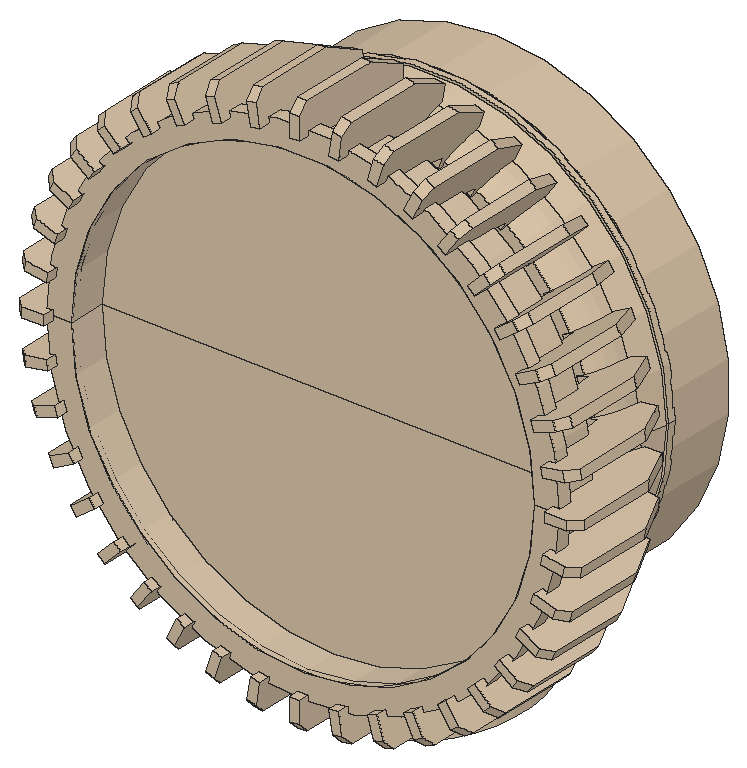
Revit family "KHL_Kemlu-Wall_Mount", category Lighting Fixtures, host Face, Revit 2021 (continued)
Definition of nested family "KHL"
  Automatic sketch dimensions
    Extrusion 36 sketch curve to Extrusion 36 sketch curve = 0' - 0.39395"
    Extrusion 36 sketch curve to Extrusion 36 sketch curve = 0' - 1.02515"
    Extrusion 36 sketch curve to Extrusion 36 sketch curve = 0' - 0.67103"
    Extrusion 36 sketch curve to Extrusion 36 sketch curve = 0' - 1.93305"
    Extrusion 36 sketch curve to Extrusion 36 sketch curve = 0' - 0.08345"
    Extrusion 37 sketch curve to Extrusion 37 sketch curve = 0' - 0 7/16"
    Extrusion 37 sketch curve to Extrusion 37 sketch curve = 0' - 0.13206"
    Extrusion 37 sketch curve to Extrusion 37 sketch curve = 0' - 0.295"
    Extrusion 37 sketch curve to Extrusion 37 sketch curve = 0' - 0.38321"
    Extrusion 37 sketch curve to Extrusion 37 sketch curve = 0' - 0.43044"
    Extrusion 37 sketch curve to Extrusion 37 sketch curve = 0' - 0.57179"
    Extrusion 37 sketch curve to Extrusion 37 sketch curve = 0' - 0 1/4"  (x2)
    Extrusion 37 sketch curve to Extrusion 37 sketch curve = 0' - 0.39395"
    Extrusion 37 sketch curve to Extrusion 37 sketch curve = 0' - 1.02515"
    Extrusion 37 sketch curve to Extrusion 37 sketch curve = 0' - 0.67103"
    Extrusion 37 sketch curve to Extrusion 37 sketch curve = 0' - 1.93305"
    Extrusion 37 sketch curve to Extrusion 37 sketch curve = 0' - 0.08345"
    Extrusion 38 sketch curve to Extrusion 38 sketch curve = 0' - 0 7/16"
    Extrusion 38 sketch curve to Extrusion 38 sketch curve = 0' - 0.13206"
    Extrusion 38 sketch curve to Extrusion 38 sketch curve = 0' - 0.295"
    Extrusion 38 sketch curve to Extrusion 38 sketch curve = 0' - 0.38321"
    Extrusion 38 sketch curve to Extrusion 38 sketch curve = 0' - 0.43044"
    Extrusion 38 sketch curve to Extrusion 38 sketch curve = 0' - 0.57179"
    Extrusion 38 sketch curve to Extrusion 38 sketch curve = 0' - 0 1/4"  (x2)
    Extrusion 38 sketch curve to Extrusion 38 sketch curve = 0' - 0.39395"
    Extrusion 38 sketch curve to Extrusion 38 sketch curve = 0' - 1.02515"
    Extrusion 38 sketch curve to Extrusion 38 sketch curve = 0' - 0.67103"
    Extrusion 38 sketch curve to Extrusion 38 sketch curve = 0' - 1.93305"
    Extrusion 38 sketch curve to Extrusion 38 sketch curve = 0' - 0.08345"
    Extrusion 39 sketch curve to Extrusion 39 sketch curve = 0' - 0 7/16"
    Extrusion 39 sketch curve to Extrusion 39 sketch curve = 0' - 0.13206"
    Extrusion 39 sketch curve to Extrusion 39 sketch curve = 0' - 0.295"
    Extrusion 39 sketch curve to Extrusion 39 sketch curve = 0' - 0.38321"
    Extrusion 39 sketch curve to Extrusion 39 sketch curve = 0' - 0.43044"
    Extrusion 39 sketch curve to Extrusion 39 sketch curve = 0' - 0.57179"
    Extrusion 39 sketch curve to Extrusion 39 sketch curve = 0' - 0 1/4"  (x2)
    Extrusion 39 sketch curve to Extrusion 39 sketch curve = 0' - 0.39395"
    Extrusion 39 sketch curve to Extrusion 39 sketch curve = 0' - 1.02515"
    Extrusion 39 sketch curve to Extrusion 39 sketch curve = 0' - 0.67103"
    Extrusion 39 sketch curve to Extrusion 39 sketch curve = 0' - 1.93305"
    Extrusion 39 sketch curve to Extrusion 39 sketch curve = 0' - 0.08345"
    Extrusion 40 sketch curve to Extrusion 40 sketch curve = 0' - 0 7/16"
    Extrusion 40 sketch curve to Extrusion 40 sketch curve = 0' - 0.13206"
    Extrusion 40 sketch curve to Extrusion 40 sketch curve = 0' - 0.295"
    Extrusion 40 sketch curve to Extrusion 40 sketch curve = 0' - 0.38321"
    Extrusion 40 sketch curve to Extrusion 40 sketch curve = 0' - 0.43044"
    Extrusion 40 sketch curve to Extrusion 40 sketch curve = 0' - 0.57179"
    Extrusion 40 sketch curve to Extrusion 40 sketch curve = 0' - 0 1/4"  (x2)
    Extrusion 40 sketch curve to Extrusion 40 sketch curve = 0' - 0.39395"
    Extrusion 40 sketch curve to Extrusion 40 sketch curve = 0' - 1.02515"
    Extrusion 40 sketch curve to Extrusion 40 sketch curve = 0' - 0.67103"
    Extrusion 40 sketch curve to Extrusion 40 sketch curve = 0' - 1.93305"
    Extrusion 40 sketch curve to Extrusion 40 sketch curve = 0' - 0.08345"
    Extrusion 41 sketch curve to Extrusion 41 sketch curve = 0' - 0 7/16"
    Extrusion 41 sketch curve to Extrusion 41 sketch curve = 0' - 0.13206"
    Extrusion 41 sketch curve to Extrusion 41 sketch curve = 0' - 0.295"
    Extrusion 41 sketch curve to Extrusion 41 sketch curve = 0' - 0.38321"
    Extrusion 41 sketch curve to Extrusion 41 sketch curve = 0' - 0.43044"
    Extrusion 41 sketch curve to Extrusion 41 sketch curve = 0' - 0.57179"
    Extrusion 41 sketch curve to Extrusion 41 sketch curve = 0' - 0 1/4"  (x2)
    Extrusion 41 sketch curve to Extrusion 41 sketch curve = 0' - 0.39395"
    Extrusion 41 sketch curve to Extrusion 41 sketch curve = 0' - 1.02515"
    Extrusion 41 sketch curve to Extrusion 41 sketch curve = 0' - 0.67103"
    Extrusion 41 sketch curve to Extrusion 41 sketch curve = 0' - 1.93305"
    Extrusion 41 sketch curve to Extrusion 41 sketch curve = 0' - 0.08345"
    Extrusion 42 sketch curve to Extrusion 42 sketch curve = 0' - 0 7/16"
    Extrusion 42 sketch curve to Extrusion 42 sketch curve = 0' - 0.13206"
    Extrusion 42 sketch curve to Extrusion 42 sketch curve = 0' - 0.295"
    Extrusion 42 sketch curve to Extrusion 42 sketch curve = 0' - 0.38321"
    Extrusion 42 sketch curve to Extrusion 42 sketch curve = 0' - 0.43044"
    Extrusion 42 sketch curve to Extrusion 42 sketch curve = 0' - 0.57179"
    Extrusion 42 sketch curve to Extrusion 42 sketch curve = 0' - 0 1/4"  (x2)
    Extrusion 42 sketch curve to Extrusion 42 sketch curve = 0' - 0.39395"
    Extrusion 42 sketch curve to Extrusion 42 sketch curve = 0' - 1.02515"
    Extrusion 42 sketch curve to Extrusion 42 sketch curve = 0' - 0.67103"
    Extrusion 42 sketch curve to Extrusion 42 sketch curve = 0' - 1.93305"
    Extrusion 42 sketch curve to Extrusion 42 sketch curve = 0' - 0.08345"
    Extrusion 43 sketch curve to Extrusion 43 sketch curve = 0' - 0 7/16"
    Extrusion 43 sketch curve to Extrusion 43 sketch curve = 0' - 0.13206"
    Extrusion 43 sketch curve to Extrusion 43 sketch curve = 0' - 0.295"
    Extrusion 43 sketch curve to Extrusion 43 sketch curve = 0' - 0.38321"
    Extrusion 43 sketch curve to Extrusion 43 sketch curve = 0' - 0.43044"
    Extrusion 43 sketch curve to Extrusion 43 sketch curve = 0' - 0.57179"
    Extrusion 43 sketch curve to Extrusion 43 sketch curve = 0' - 0 1/4"  (x2)
    Extrusion 43 sketch curve to Extrusion 43 sketch curve = 0' - 0.39395"
    Extrusion 43 sketch curve to Extrusion 43 sketch curve = 0' - 1.02515"
    Extrusion 43 sketch curve to Extrusion 43 sketch curve = 0' - 0.67103"
    Extrusion 43 sketch curve to Extrusion 43 sketch curve = 0' - 1.93305"
    Extrusion 43 sketch curve to Extrusion 43 sketch curve = 0' - 0.08345"
    Extrusion 1 sketch curve to Extrusion 1 sketch curve = 8' - 0"  (x2)
    curve 8 to plane 7 = 0' - 0.35927"
    level to curve 10 = 0' - 1 3/4"
    curve 1 to plane 3 "Center (Left/Right)" = 0' - 0"
    plane 7 to curve 5 = 0' - 0"
    curve 11 to plane 7 = 0' - 0.35927"
    curve 2 to plane 7 = 0' - 0.45302"
    curve 8 to curve 8 = 0' - 0.39073"
    curve 2 to curve 4 = 0' - 0.39073"
    curve 4 to curve 4 = 0' - 0 1/4"
    plane 7 to curve 10 = 0' - 0.75471"
    plane 7 to curve 7 = 0' - 0.72501"
    plane 7 to curve 11 = 0' - 0.6022"
    plane 7 to curve 12 = 0' - 0.39176"
    plane 5 to curve 12 = 0' - 0.25875"
    curve 9 to curve 9 = 0' - 1"
    curve 7 to curve 6 = 0' - 0.62254"
    curve 5 to curve 2 = 0' - 0.37746"
    Revolve 2 sketch curve to level = 0' - 0"
    Revolve 2 sketch curve to plane 3 "Center (Left/Right)" = 0' - 0"  (x2)
    plane 7 to Revolve 2 sketch curve = 0' - 0"  (x2)
    level to Revolve 2 sketch curve = 0' - 0.16729"
    Revolve 2 sketch curve to plane 7 = 0' - 0.23742"
    Revolve 2 sketch curve to Revolve 2 sketch curve = 0' - 0.39032"
    Revolve 2 sketch curve to plane 7 = 0' - 0.45302"
    Revolve 2 sketch curve to Revolve 2 sketch curve = 0' - 0.49031"
    Revolve 2 sketch curve to Revolve 2 sketch curve = 0' - 0.00969"
    Revolve 2 sketch curve to Revolve 2 sketch curve = 0' - 0.51192"
    Revolve 2 sketch curve to Revolve 2 sketch curve = 0' - 0.39073"
    Revolve 2 sketch curve to Revolve 2 sketch curve = 0' - 0 1/4"
    plane 7 to Revolve 2 sketch curve = 0' - 0.70329"
    Revolve 2 sketch curve to Revolve 2 sketch curve = 0' - 0.08271"
    Revolve 2 sketch curve to Revolve 2 sketch curve = 0' - 1 1/8"
    Revolve 2 sketch curve to Revolve 2 sketch curve = 0' - 0.72893"
    Revolve 2 sketch curve to Revolve 2 sketch curve = 0' - 0.37746"
    Revolve 2 sketch curve to Revolve 2 sketch curve = 0' - 0.62007"
    Revolve 2 sketch curve to Revolve 2 sketch curve = 0' - 0.3497"
    Revolve 2 sketch curve to Revolve 2 sketch curve = 0' - 5 13/16"
    level to curve 6 = 0' - 5.37007"
    curve 4 to curve 12 = 0' - 0.3497"
    curve 4 to curve 2 = 0' - 0.55259"
    curve 12 to curve 3 = 0' - 0.2029"
    Revolve 2 sketch curve to Revolve 2 sketch curve = 0' - 3 3/4"
Types (10): name | Wattage Comments | Wattage | Watt | Photometric Web File | Optics | built-in parameter 1150105 | Lumens | Lamp | built-in parameter 1150106 | Glass | built-in parameter 1150104 | Apparent Load
  (no name) | "43 Watts, 18 LEDs" | 43 W | 43 W | "KXL-18L-X-5K-5M.ies" | "Type V Square" | 345.6 (stored number, unit not read) | 4343 lm | "18 High Performanc LEDs" | 3.456 (stored number, unit not read) | White Glass | 9.3832 (stored number, unit not read) | 43 VA
  KHL-18L-X-5K-5M | "43 Watts, 18 LEDs" | 43 W | 43 W | "KXL-18L-X-5K-5M.ies" | "Type V Square" | 345.6 (stored number, unit not read) | 4343 lm | "18 High Performanc LEDs" | 3.456 (stored number, unit not read) | White Glass | 9.3832 (stored number, unit not read) | 43 VA
  KHL-18L-X-5K-5R | "43 Watts, 18 LEDs" | 43 W | 43 W | "KXL-18L-X-5K-5R.ies" | "Type V Rectangle" | 349.03 (stored number, unit not read) | 4386 lm | "18 High Performanc LEDs" | 3.4903 (stored number, unit not read) | White Glass | 9.4761 (stored number, unit not read) | 43 VA
  KHL-18L-X-5K-N | "43 Watts, 18 LEDs" | 43 W | 43 W | "KXL-18L-X-5K-N.ies" | "Narrow" | 352.45 (stored number, unit not read) | 4429 lm | "18 High Performanc LEDs" | 3.5245 (stored number, unit not read) | White Glass | 9.569 (stored number, unit not read) | 43 VA
  KHL-24L-X-5K-5M | "57 Watts, 24 LEDs" | 57 W | 57 W | "KXL-24L-X-5K-5M.ies" | "Type V Square" | 1765.2 (stored number, unit not read) | 5700 lm | "24 High Performanc LEDs" | 17.652 (stored number, unit not read) | none | 9.2903 (stored number, unit not read) | 57 VA
  KHL-24L-X-5K-5R | "57 Watts, 24 LEDs" | 57 W | 57 W | "KXL-24L-X-5K-5R.ies" | "Type V Rectangle" | 467.2 (stored number, unit not read) | 5871 lm | "24 High Performanc LEDs" | 4.672 (stored number, unit not read) | none | 9.569 (stored number, unit not read) | 57 VA
  KHL-24L-X-5K-N | "57 Watts, 24 LEDs" | 57 W | 57 W | "KXL-24L-X-5K-N.ies" | "Narrow" | 476.27 (stored number, unit not read) | 5985 lm | "24 High Performanc LEDs" | 4.7627 (stored number, unit not read) | none | 9.7548 (stored number, unit not read) | 57 VA
  KHL-36L-X-5K-5M | "86 Watts, 36 LEDs" | 86 W | 86 W | "KXL-36L-X-5K-5M.ies" | "Type V Square" | 677.52 (stored number, unit not read) | 8514 lm | "36 High Performanc LEDs" | 6.7752 (stored number, unit not read) | none | 9.1974 (stored number, unit not read) | 86 VA
  KHL-36L-X-5K-5R | "86 Watts, 36 LEDs" | 86 W | 86 W | "KXL-36L-X-5K-5R.ies" | "Type V Rectangle" | 698.05 (stored number, unit not read) | 8772 lm | "36 High Performanc LEDs" | 6.9805 (stored number, unit not read) | White Glass | 9.4761 (stored number, unit not read) | 86 VA
  KHL-36L-X-5K-N | "86 Watts, 36 LEDs" | 86 W | 86 W | "KXL-36L-X-5K-N.ies" | "Type V Rectangle" | 718.58 (stored number, unit not read) | 9030 lm | "36 High Performanc LEDs" | 7.1858 (stored number, unit not read) | White Glass | 9.7548 (stored number, unit not read) | 86 VA
